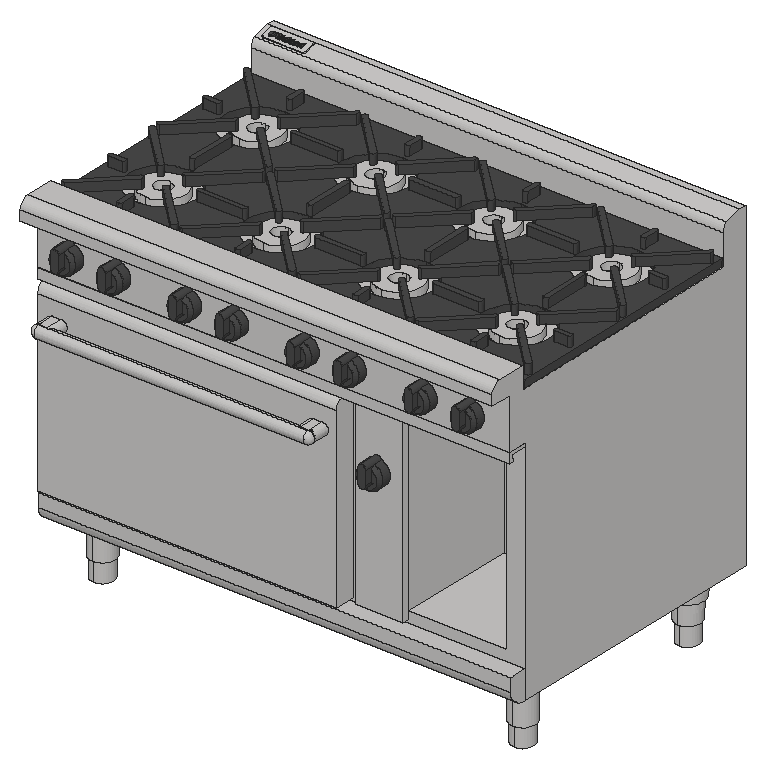
Revit family "QF_MOFFAT WALDORF_RNL8810G", category Specialty Equipment, Revit 2012 (continued)
Automatic sketch dimensions
  plane 7 "Center Y" to Extrusion 11 sketch curve = 58.102 mm  (x2)
  Extrusion 11 sketch curve to Extrusion 11 sketch curve = 128.447 mm  (x3)
  Extrusion 11 sketch curve to Extrusion 11 sketch curve = 116.204 mm  (x2)
  Extrusion 11 sketch curve to plane 16 = 90.9 mm
  plane 16 to Extrusion 11 sketch curve = 15.859 mm  (x2)
  Extrusion 1 to Split face 6 sketch curve = 1.962 mm
  Split face 6 sketch curve to Extrusion 1 = 14.14 mm
  Split face 6 sketch curve to Extrusion 1 = 264.5 mm
  Split face 6 sketch curve to Split face 6 sketch curve = 20 mm
  Extrusion 1 to Split face 7 sketch curve = 1.962 mm
  Split face 7 sketch curve to Extrusion 1 = 14.14 mm
  Split face 7 sketch curve to Extrusion 1 = 291.5 mm
  Split face 7 sketch curve to Split face 7 sketch curve = 20 mm
  Extrusion 1 to Split face 8 sketch curve = 1.962 mm
  Split face 8 sketch curve to Extrusion 1 = 14.14 mm
  Split face 8 sketch curve to Extrusion 1 = 318.5 mm
  Split face 8 sketch curve to Split face 8 sketch curve = 20 mm
  Extrusion 1 to Split face 9 sketch curve = 1.962 mm
  Split face 9 sketch curve to Extrusion 1 = 14.14 mm
  Split face 9 sketch curve to Extrusion 1 = 345.5 mm
  Split face 9 sketch curve to Split face 9 sketch curve = 20 mm
  Extrusion 1 to Split face 10 sketch curve = 1.962 mm
  Split face 10 sketch curve to Extrusion 1 = 14.14 mm
  Split face 10 sketch curve to Extrusion 1 = 372.5 mm
  Split face 10 sketch curve to Split face 10 sketch curve = 20 mm
  Extrusion 1 to Split face 11 sketch curve = 1.962 mm
  Split face 11 sketch curve to Extrusion 1 = 14.14 mm
  Split face 11 sketch curve to Extrusion 1 = 399.5 mm
  Split face 11 sketch curve to Split face 11 sketch curve = 20 mm
  Extrusion 1 to Split face 12 sketch curve = 1.962 mm
  Split face 12 sketch curve to Extrusion 1 = 14.14 mm
  Split face 12 sketch curve to Extrusion 1 = 426.5 mm
  Split face 12 sketch curve to Split face 12 sketch curve = 20 mm
  Extrusion 1 to Split face 13 sketch curve = 1.962 mm
  Split face 13 sketch curve to Extrusion 1 = 14.14 mm
  Split face 13 sketch curve to Extrusion 1 = 453.5 mm
  Split face 13 sketch curve to Split face 13 sketch curve = 20 mm
  Extrusion 1 to Split face 14 sketch curve = 1.962 mm
  Split face 14 sketch curve to Extrusion 1 = 14.14 mm
  Split face 14 sketch curve to Extrusion 1 = 480.5 mm
  Split face 14 sketch curve to Split face 14 sketch curve = 20 mm
  Extrusion 1 to Split face 15 sketch curve = 1.962 mm
  Split face 15 sketch curve to Extrusion 1 = 14.14 mm
  Split face 15 sketch curve to Extrusion 1 = 507.5 mm
  Split face 15 sketch curve to Split face 15 sketch curve = 20 mm
  Extrusion 1 to Split face 16 sketch curve = 1.962 mm
  Split face 16 sketch curve to Extrusion 1 = 14.14 mm
  Split face 16 sketch curve to Extrusion 1 = 534.5 mm
  Split face 16 sketch curve to Split face 16 sketch curve = 20 mm
  Extrusion 1 to Split face 17 sketch curve = 1.962 mm
  Split face 17 sketch curve to Extrusion 1 = 14.14 mm
  Split face 17 sketch curve to Extrusion 1 = 561.5 mm
  Split face 17 sketch curve to Split face 17 sketch curve = 20 mm
  Extrusion 1 to Split face 18 sketch curve = 1.962 mm
  Split face 18 sketch curve to Extrusion 1 = 14.14 mm
  Split face 18 sketch curve to Extrusion 1 = 588.5 mm
  Split face 18 sketch curve to Split face 18 sketch curve = 20 mm
  Extrusion 1 to Split face 19 sketch curve = 1.962 mm
  Split face 19 sketch curve to Extrusion 1 = 14.14 mm
  Split face 19 sketch curve to Extrusion 1 = 584.5 mm
  Split face 19 sketch curve to Split face 19 sketch curve = 20 mm
  Extrusion 1 to Split face 20 sketch curve = 1.962 mm
  Split face 20 sketch curve to Extrusion 1 = 14.14 mm
  Split face 20 sketch curve to Extrusion 1 = 557.5 mm
  Split face 20 sketch curve to Split face 20 sketch curve = 20 mm
  Extrusion 1 to Split face 21 sketch curve = 1.962 mm
  Split face 21 sketch curve to Extrusion 1 = 14.14 mm
  Split face 21 sketch curve to Extrusion 1 = 530.5 mm
  Split face 21 sketch curve to Split face 21 sketch curve = 20 mm
  Extrusion 1 to Split face 22 sketch curve = 1.962 mm
  Split face 22 sketch curve to Extrusion 1 = 14.14 mm
  Split face 22 sketch curve to Extrusion 1 = 503.5 mm
  Split face 22 sketch curve to Split face 22 sketch curve = 20 mm
  Extrusion 1 to Split face 23 sketch curve = 1.962 mm
  Split face 23 sketch curve to Extrusion 1 = 14.14 mm
  Split face 23 sketch curve to Extrusion 1 = 476.5 mm
  Split face 23 sketch curve to Split face 23 sketch curve = 20 mm
  Extrusion 1 to Split face 24 sketch curve = 1.962 mm
  Split face 24 sketch curve to Extrusion 1 = 14.14 mm
  Split face 24 sketch curve to Extrusion 1 = 449.5 mm
  Split face 24 sketch curve to Split face 24 sketch curve = 20 mm
  Extrusion 1 to Split face 25 sketch curve = 1.962 mm
  Split face 25 sketch curve to Extrusion 1 = 14.14 mm
  Split face 25 sketch curve to Extrusion 1 = 422.5 mm
  Split face 25 sketch curve to Split face 25 sketch curve = 20 mm
  Extrusion 1 to Split face 26 sketch curve = 1.962 mm
  Split face 26 sketch curve to Extrusion 1 = 14.14 mm
  Split face 26 sketch curve to Extrusion 1 = 395.5 mm
  Split face 26 sketch curve to Split face 26 sketch curve = 20 mm
  Extrusion 1 to Split face 27 sketch curve = 1.962 mm
  Split face 27 sketch curve to Extrusion 1 = 14.14 mm
  Split face 27 sketch curve to Extrusion 1 = 368.5 mm
  Split face 27 sketch curve to Split face 27 sketch curve = 20 mm
  Extrusion 1 to Split face 28 sketch curve = 1.962 mm
  Split face 28 sketch curve to Extrusion 1 = 14.14 mm
  Split face 28 sketch curve to Extrusion 1 = 341.5 mm
  Split face 28 sketch curve to Split face 28 sketch curve = 20 mm
  Extrusion 1 to Split face 29 sketch curve = 1.962 mm
  Split face 29 sketch curve to Extrusion 1 = 14.14 mm
  Split face 29 sketch curve to Extrusion 1 = 314.5 mm
  Split face 29 sketch curve to Split face 29 sketch curve = 20 mm
  Extrusion 1 to Split face 30 sketch curve = 1.962 mm
  Split face 30 sketch curve to Extrusion 1 = 14.14 mm
  Split face 30 sketch curve to Extrusion 1 = 287.5 mm
  Split face 30 sketch curve to Split face 30 sketch curve = 20 mm
  Extrusion 1 to Split face 31 sketch curve = 1.962 mm
  Split face 31 sketch curve to Extrusion 1 = 14.14 mm
  Split face 31 sketch curve to Extrusion 1 = 260.5 mm
  Split face 31 sketch curve to Split face 31 sketch curve = 20 mm
  Extrusion 1 to Split face 32 sketch curve = 1.962 mm
  Split face 32 sketch curve to Extrusion 1 = 14.14 mm
  Split face 32 sketch curve to Extrusion 1 = 233.5 mm
  Split face 32 sketch curve to Split face 32 sketch curve = 20 mm
  Extrusion 1 to Split face 33 sketch curve = 1.962 mm
  Split face 33 sketch curve to Extrusion 1 = 14.14 mm
  Split face 33 sketch curve to Extrusion 1 = 206.5 mm
  Split face 33 sketch curve to Split face 33 sketch curve = 20 mm
  Extrusion 1 to Split face 34 sketch curve = 1.962 mm
  Split face 34 sketch curve to Extrusion 1 = 14.14 mm
  Split face 34 sketch curve to Extrusion 1 = 179.5 mm
  Split face 34 sketch curve to Split face 34 sketch curve = 20 mm
  Extrusion 1 to Split face 35 sketch curve = 1.962 mm
  Split face 35 sketch curve to Extrusion 1 = 14.14 mm
  Split face 35 sketch curve to Extrusion 1 = 152.5 mm
  Split face 35 sketch curve to Split face 35 sketch curve = 20 mm
  Extrusion 1 to Split face 36 sketch curve = 1.962 mm
  Split face 36 sketch curve to Extrusion 1 = 14.14 mm
  Split face 36 sketch curve to Extrusion 1 = 125.5 mm
  Split face 36 sketch curve to Split face 36 sketch curve = 20 mm
  Extrusion 30 sketch curve to Extrusion 2 = 0 mm  (x2)
  Extrusion 30 sketch curve to Extrusion 30 sketch curve = 469.847 mm
  Extrusion 31 sketch curve to plane 16 = 0.512 mm
  Extrusion 31 sketch curve to Extrusion 31 sketch curve = 81 mm
  Extrusion 31 sketch curve to plane 17 = 6.76 mm
  Extrusion 31 sketch curve to Extrusion 31 sketch curve = 48.5 mm
  Extrusion 31 sketch curve to plane 1 "BACK" = 30.24 mm
  Extrusion 31 sketch curve to plane 17 = 55.26 mm
  Extrusion 1 sketch curve to plane 5 "FRONT" = 0 mm
  Extrusion 1 sketch curve to plane 6 "TOP" = 0 mm
  Extrusion 1 sketch curve to plane 1 "BACK" = 0 mm
  Extrusion 1 sketch curve to plane 5 "FRONT" = 24 mm
  Extrusion 1 sketch curve to plane 5 "FRONT" = 56 mm
  Extrusion 1 sketch curve to Extrusion 1 sketch curve = 0 mm
  Extrusion 1 sketch curve to plane 5 "FRONT" = 58.27 mm
  Extrusion 1 sketch curve to Extrusion 1 sketch curve = 6.387 mm
  Extrusion 1 sketch curve to Extrusion 1 sketch curve = 8.776 mm
  Extrusion 1 sketch curve to Extrusion 1 sketch curve = 40 mm
  Extrusion 1 sketch curve to Extrusion 1 sketch curve = 43.174 mm
  Extrusion 1 sketch curve to Extrusion 1 sketch curve = 2.626 mm
  Extrusion 1 sketch curve to Extrusion 1 sketch curve = 41.683 mm
  Extrusion 1 sketch curve to Extrusion 1 sketch curve = 4.2 mm  (x2)
  Extrusion 1 sketch curve to plane 6 "TOP" = 11.31 mm
  Extrusion 1 sketch curve to plane 17 = 26.709 mm
  Extrusion 1 sketch curve to plane 17 = 15.418 mm
  plane 17 to Extrusion 1 sketch curve = 15.5 mm
  plane 18 to Extrusion 1 sketch curve = 81.219 mm
  Extrusion 1 sketch curve to Extrusion 1 sketch curve = 2.216 mm
  Extrusion 1 sketch curve to Extrusion 1 sketch curve = 7.004 mm
  Extrusion 1 sketch curve to Extrusion 1 sketch curve = 16.999 mm
  level to Extrusion 1 sketch curve = 222.5 mm
  Extrusion 1 sketch curve to Extrusion 1 sketch curve = 28.982 mm
  Extrusion 1 sketch curve to Extrusion 1 sketch curve = 34.5 mm
  Extrusion 1 sketch curve to Extrusion 1 sketch curve = 0.071 mm
  Extrusion 1 sketch curve to Extrusion 1 sketch curve = 19.557 mm
  Extrusion 3 sketch curve to plane 5 "FRONT" = 91 mm
  plane 18 to Extrusion 3 sketch curve = 45 mm
  plane 10 to Extrusion 10 sketch curve = 36.504 mm  (x4)
  plane 7 "Center Y" to Extrusion 10 sketch curve = 150 mm  (x2)
  Extrusion 32 sketch curve to plane 11 = 1.472 mm
  Extrusion 32 sketch curve to plane 18 = 46.875 mm  (x2)
  Extrusion 32 sketch curve to Extrusion 32 sketch curve = 15 mm  (x2)
  plane 7 "Center Y" to Extrusion 32 sketch curve = 102.757 mm
  Extrusion 32 sketch curve to Extrusion 32 sketch curve = 20.282 mm  (x2)
  Revolve 33 sketch curve to plane 3 "LEFT" = 6.961 mm
  plane 3 "LEFT" to Revolve 33 sketch curve = 23.246 mm
  Revolve 33 sketch curve to plane 18 = 16.875 mm
  Revolve 33 sketch curve to Revolve 33 sketch curve = 15 mm
  Revolve 33 sketch curve to plane 7 "Center Y" = 11.961 mm
  plane 7 "Center Y" to Revolve 33 sketch curve = 123.039 mm
  Revolve 33 sketch curve to Revolve 33 sketch curve = 0 mm
  Extrusion 34 sketch curve to Extrusion 34 sketch curve = 0 mm  (x17)
  Extrusion 1 to Extrusion 34 sketch curve = 167.5 mm  (x4)
  Extrusion 34 sketch curve to Extrusion 1 = 171.5 mm  (x4)
  Extrusion 1 to Extrusion 34 sketch curve = 150 mm  (x4)
  Extrusion 34 sketch curve to Extrusion 34 sketch curve = 300 mm  (x3)
  curve 46 to curve 253 = 0 mm  (x2)
  curve 253 to curve 253 = 22 mm
  curve 179 to curve 255 = 0 mm  (x2)
  curve 255 to curve 255 = 22 mm
  curve 181 to curve 257 = 0 mm  (x2)
  curve 257 to curve 257 = 22 mm
  curve 183 to curve 259 = 0 mm  (x2)
  curve 259 to curve 259 = 22 mm
  curve 48 to curve 261 = 0 mm  (x2)
  plane 10 to curve 262 = 14.772 mm
  curve 222 to curve 263 = 0 mm  (x2)
  plane 10 to curve 263 = 14.772 mm
  curve 224 to curve 265 = 0 mm  (x2)
  plane 10 to curve 266 = 14.772 mm
  curve 226 to curve 267 = 0 mm  (x2)
  plane 10 to curve 268 = 14.772 mm
  radius of Extrusion 8 sketch curve = 10 mm
  radius of Extrusion 10 sketch curve = 85 mm  (x8)
  radius of Extrusion 34 sketch curve = 57 mm  (x8)
  radius of Extrusion 34 sketch curve = 22 mm  (x8)
Nested families
  nested 1: "WALDORF LOGO_FACE BASE" at (12.5, -21.836, 968.57) x (1, 0, 0) z (0, -0.2588, 0.9659), visible <- "Show Logo", type "WALDORF LOGO_FACE BASE", detail levels medium+fine
    with Show Logo yes
Connectors
  piping at (1070, -32, 655)
    settings: on Extrusion 8, index 4, connector radius 0.37402", flow factor 0, pipe flow 0 GPM, pressure drop 0.00 psi, fitting loss kfactor 0, connector angle 0.00°, fixture units 0, engagement length 0 mm, flow configuration 1, flow direction 1, fitting loss method 0, system type 7, joint type 0, gender type 0, connector reference index -1, connector utility 0, adjustable connector no, is connector primary yes, fitting loss table "", connector description "GAS CONNECTION"
Definition of nested family "WALDORF LOGO_FACE BASE"
  Parameters (values of type "WALDORF LOGO_FACE BASE")
    Show Logo [instance] = yes
    Default Elevation = 1219.2 mm
  Reference planes
    plane 1 "Center (Front/Back)": y = 0
    plane 2: z = 0
    plane 3 "Center (Left/Right)": x = 0
  Forms (mm)
    Extrusion 1, solid
      sketch origin (0, 0, 0) x (1, 0, 0) y (0, 1, 0)
        loop
          line (-1219.2, 1219.2) -> (-1219.2, -1219.2) -> (1219.2, -1219.2) -> (1219.2, 1219.2) -> (-1219.2, 1219.2)
      from 0 to -304.8
    Extrusion 2, solid, material "QF_Finishes_Stainless Steel", visible <- "Show Logo"
      sketch origin (0, -33.217, 0) x (1, 0, 0) y (0, 1, 0)
        loop
          arc (5, 34.14) -> (1.464, 32.676) -> (0, 29.14) r 5
          line (0, 29.14) -> (0, 5)
          arc (0, 5) -> (1.464, 1.464) -> (5, 0) r 5
          line (5, 0) -> (104, 0)
          arc (104, 0) -> (107.536, 1.464) -> (109, 5) r 5
          line (109, 5) -> (109, 29.14)
          arc (109, 29.14) -> (107.536, 32.676) -> (104, 34.14) r 5
          line (104, 34.14) -> (5, 34.14)
      from 0 to 1.588
    Extrusion 3, solid, material "QF_Finishes_Black", visible <- "Show Logo"
      sketch origin (0, -33.217, 1.588) x (1, 0, 0) y (0, 1, 0)
        loop
          line (24.772, 23.214) -> (27.992, 10.301) -> (31.551, 10.301) -> (33.443, 17.364) -> (35.205, 10.301) -> (39.332, 10.301) -> (42.077, 23.214) -> (38.352, 23.214) -> (36.676, 15.33) -> (35, 23.214) -> (31.752, 23.214) -> (30.076, 15.33) -> (28.4, 23.214) -> (24.772, 23.214)
        loop
          line (42.272, 17.055) -> (45.703, 17.055)
          spline (45.703, 17.055) -> (45.741, 17.285) -> (45.852, 17.499) -> (46.028, 17.682) -> (46.258, 17.823) -> (46.526, 17.912) -> (46.813, 17.942) -> (47.1, 17.912) -> (47.368, 17.823) -> (47.597, 17.682) -> (47.774, 17.499) -> (47.884, 17.285) -> (47.922, 17.055)
          line (47.922, 17.055) -> (47.922, 16.222)
          arc (47.922, 16.222) -> (45.742, 16.014) -> (43.665, 15.317) r 9.604
          arc (43.665, 15.317) -> (41.924, 12.809) -> (43.665, 10.301) r 2.677
          arc (43.665, 10.301) -> (45.527, 10.353) -> (47.332, 10.816) r 8.365
          line (47.332, 10.816) -> (48.092, 11.105) -> (48.092, 10.301) -> (51.817, 10.301) -> (51.817, 17.055)
          spline (51.817, 17.055) -> (51.654, 17.821) -> (51.178, 18.535) -> (50.419, 19.148) -> (49.431, 19.619) -> (48.28, 19.914) -> (47.044, 20.015) -> (45.809, 19.914) -> (44.658, 19.619) -> (43.67, 19.148) -> (42.911, 18.535) -> (42.434, 17.821) -> (42.272, 17.055)
        loop
          line (53.151, 23.214) -> (53.151, 10.301) -> (57.37, 10.301) -> (57.37, 23.214) -> (53.151, 23.214)
        loop
          line (64.874, 23.214) -> (64.874, 18.857)
          arc (64.874, 18.857) -> (58.083, 15.11) -> (64.874, 11.363) r 4.429
          line (64.874, 11.363) -> (64.874, 10.301) -> (68.378, 10.301) -> (68.378, 23.214) -> (64.874, 23.214)
        loop
          arc (64.874, 16.083) -> (61.41, 14.987) -> (64.874, 13.891) r 1.905
          line (64.874, 13.891) -> (64.874, 16.083)
        loop
          circle (74.623, 15.223) r 5
        loop
          spline (74.623, 17.856) -> (74.355, 17.766) -> (74.105, 17.503) -> (73.891, 17.084) -> (73.726, 16.539) -> (73.623, 15.904) -> (73.588, 15.223) -> (73.623, 14.541) -> (73.726, 13.906) -> (73.891, 13.361) -> (74.105, 12.942) -> (74.355, 12.679) -> (74.623, 12.59)
          spline (74.623, 12.59) -> (74.891, 12.679) -> (75.141, 12.942) -> (75.355, 13.361) -> (75.52, 13.906) -> (75.623, 14.541) -> (75.659, 15.223) -> (75.623, 15.904) -> (75.52, 16.539) -> (75.355, 17.084) -> (75.141, 17.503) -> (74.891, 17.766) -> (74.623, 17.856)
        loop
          line (81.255, 19.813) -> (81.255, 10.301) -> (84.834, 10.301) -> (84.834, 14.176)
          arc (84.834, 14.176) -> (85.854, 16.093) -> (88.013, 16.32) r 2.313
          line (88.013, 16.32) -> (88.013, 19.813) -> (87.161, 19.813)
          arc (87.161, 19.813) -> (85.526, 19.266) -> (84.549, 17.844) r 2.717
          line (84.549, 17.844) -> (84.549, 19.813) -> (81.255, 19.813)
        loop
          line (90.249, 19.813) -> (88.91, 19.813) -> (88.91, 17.614) -> (90.249, 17.614) -> (90.249, 10.301) -> (93.998, 10.301) -> (93.998, 17.614) -> (95.418, 17.614) -> (95.418, 19.813) -> (93.998, 19.813)
          arc (93.998, 19.813) -> (94.414, 20.817) -> (95.418, 21.233) r 1.42
          line (95.418, 21.233) -> (95.418, 23.602) -> (93.317, 23.602)
          arc (93.317, 23.602) -> (91.343, 22.903) -> (90.249, 21.118) r 3.137
          line (90.249, 21.118) -> (90.249, 19.813)
        loop
          arc (15.241, 23.571) -> (8.392, 16.525) -> (15.241, 9.479) r 7.049
          line (15.241, 9.479) -> (15.241, 23.571)
        loop
          line (15.641, 23.571) -> (15.641, 9.479)
          arc (15.641, 9.479) -> (22.49, 16.525) -> (15.641, 23.571) r 7.049
        loop
          arc (47.922, 14.711) -> (46.266, 13.749) -> (47.922, 12.787) r 1.107
          line (47.922, 12.787) -> (47.922, 14.711)
      from 0 to 0.2
  Dimensions and locks
    aligned and locked: plane 2 to Extrusion 1
    aligned and locked: level to Extrusion 1
